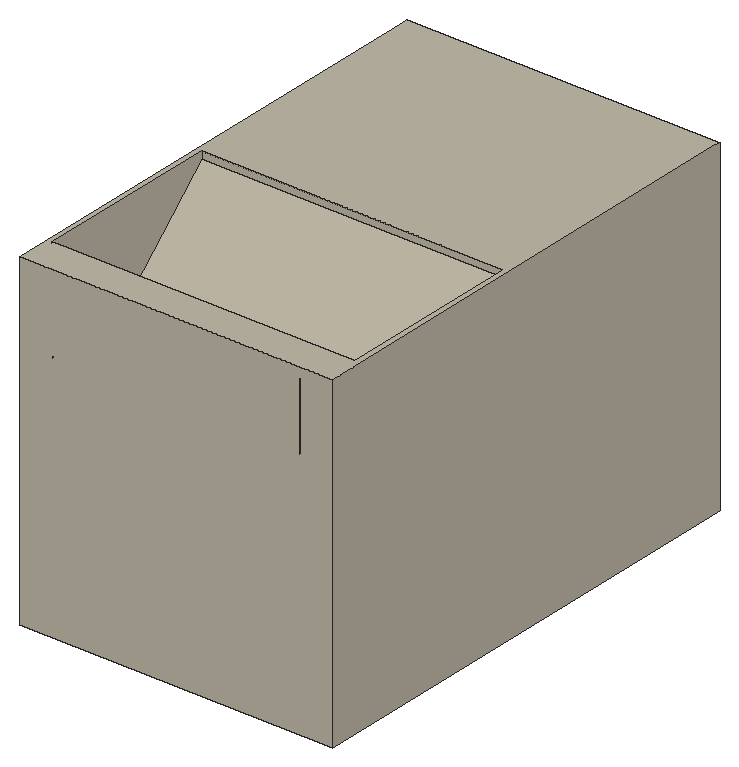
Revit family "V-Series_EWC4_SPVU_RFA_2015", category Generic Models, host Face, Revit 2019
Family settings
  Host = Face
  Can host rebar = No
  Round Connector Dimension = Use Diameter
  Part Type = Normal
  Cut with Voids When Loaded = No
  Shared = No
  Room Calculation Point = No
Parameters (values of type "1")
  intproject [instance] = if(Exterior Projection from Wall Surface > 0", 0", Interior Projection from Wall Surface)  # 0"
  extproject [instance] = if(Interior Projection from Wall Surface > 0", 0", Exterior Projection from Wall Surface)  # 0"
  Warranty Duration (Years) = 0
  Wall Thickness = 7 1/8"
  Voltage Range = "as Specified"
  Unit Width = 27 7/8"
  Unit Weight = 0
  Unit Height = 43 1/8"
  Unit Depth = 29 7/16"
  URL = "http://www.magic-pak.com/"
  Test Data = ""
  Temperature Rise Range = "as Specified"
  Supply Duct Size_W = 16"
  Supply Duct Size_H = 8"
  Standards Conformance = "as Specified"
  Specification = "http://www.arcat.com/sdspecs/htm/15700aae.htm"
  SpecWizard = ""
  Sound Pressure = "as Specified"
  Sleeve Finish [instance] = Metal - Allied Air - Neutral
  Single Circuit = yes
  Send Message = "http://www.arcat.com/users.pl?action=UserEmail&amp;company=Magic-Pak&amp;coid=46691&amp;rep=141&amp;fax=&amp;mf=95"
  Sales Information = "http://www.magic-pak.com/contact.php"
  Revision = "R1_05_2014"
  Return Duct Size_W = 22"
  Return Duct Size_H = 6"
  Refigerant Used = "R410A"
  Product Properties = ""
  Product Data = "http://www.arcat.com/arcatcos/cos9546/arc46691.html"
  Opening Width [instance] = 29"
  Opening Height [instance] = 45"
  Mounting Height = 8"
  Model = "as Specified"
  Manufacturer Website = "http://www.magic-pak.com/"
  Manufacturer Phone - Toll Free = "800-448-5872"
  Manufacturer Phone = ""
  Manufacturer Fax = ""
  Manufacturer Address = "215 Metropolitan Dr.  West Columbia, SC 29170"
  Manufacturer = "Allied Air Enterprises LLC"
  Maintenance Schedule (Months) = 0
  Keynote = "15700"
  Interior Projection from Wall Surface [instance] = 0"
  Installation-Fabrication = ""
  Installation Phase = ""
  Include Wall Sleeve [instance] = no
  HVAC_Cooling Capacity = 0.0 Btu/h
  HVAC_BTU Input = 0.0 Btu/h
  Green Building-LEED = ""
  Fuel Consumption = "as Specified"
  Fixture Mesh [instance] = Metal - Allied Air - Neutral Mesh
  Fixture Finish [instance] = Metal - Allied Air - Neutral
  Exterior Projection from Wall Surface [instance] = 0"
  Expected Lifespan (Years) = 0
  Electrical_Voltage = 0 V
  Electrical_Phase = 0
  Electrical_Frequency = 0 Hz
  Electrical_Amperage = 0 A
  Efficiency Ratings = "as Specified"
  Drawn By = "Sumex Design, Inc. / Robert S. Weygant, CSI, CDT, SCIP"
  Double Circuit = yes
  Description = "Magic-Pak Ducted Heating and Cooling Unit as Specified"
  Default Elevation = 0"
  Copyright = "©Arcat Inc."
  Construction Details = ""
  Building Codes = ""
  Assembly Code = ""
  Amperage_Circuit 2 = 0 A
  Amperage_Circuit 1 = 0 A
  Air Flow = 0 CFM
Reference planes (in)
  plane 1 "Center (Front/Back)": y = -3.1386
  plane 2: z = 0
  plane 3 "Center (Left/Right)": x = 0
  plane 4: y = -24.7011
  plane 5: y = 18.4239
  plane 6: x = -13.9375
  plane 7: x = 13.9375
  plane 8: z = 22.3125
  plane 9 "Surface": y = -33.6386
  plane 10: y = -25.6386
  plane 11: y = 19.3614
  plane 12: x = -14.5
  plane 13: x = 14.5
  plane 14 "Wall Surface": z = -7.125
  plane 15: z = -7.125
  plane 16: z = -7.125
  plane 17: y = -25.6386
  plane 18: y = 19.3614
Forms (in)
  Extrusion 1, solid, material "Metal - Allied Air - Neutral" <- "Sleeve Finish", visible <- "Include Wall Sleeve"
    sketch origin (-20.07249, -25.6386, 48) x (-1, 0, 0) y (0, 0, 1)
      loop
        line (-5.57249, -55.125) -> (-5.57249, -57.125) -> (-5.50999, -57.125) -> (-5.50999, -55.1875) -> (-3.57249, -55.1875) -> (-3.57249, -55.125) -> (-5.57249, -55.125)
      loop
        line (-34.57249, -55.125) -> (-36.57249, -55.125) -> (-36.57249, -55.1875) -> (-34.63499, -55.1875) -> (-34.63499, -57.125) -> (-34.57249, -57.125) -> (-34.57249, -55.125)
    from 6 to 39
  Extrusion 2, solid, material "Metal - Allied Air - Neutral" <- "Sleeve Finish", visible <- "Include Wall Sleeve"
    sketch origin (-23.8165, -180, -7.125) x (-1, 0, 0) y (0, -1, 0)
      loop
        line (-37.8165, -154.8614) -> (-37.8165, -198.8614) -> (-9.8165, -198.8614) -> (-9.8165, -154.8614) -> (-37.8165, -154.8614)
      loop
        line (-9.3165, -199.3614) -> (-9.3165, -154.3614) -> (-38.3165, -154.3614) -> (-38.3165, -199.3614) -> (-9.3165, -199.3614)
    from 0 to 12.5
  Extrusion 3, solid, material "Metal - Allied Air - Neutral" <- "Sleeve Finish", visible <- "Include Wall Sleeve"
    sketch origin (-23.8165, -180, -7.125) x (-1, 0, 0) y (0, -1, 0)
      loop
        line (-9.3165, -199.3614) -> (-9.3165, -198.8614) -> (-38.3165, -198.8614) -> (-38.3165, -199.3614) -> (-9.3165, -199.3614)
    from 0 to 16
  Extrusion 4, void
    sketch origin (0, 0, 0) x (1, 0, 0) y (0, 1, 0)
      loop
        line (-14.5, -25.6386) -> (14.5, -25.6386) -> (14.5, 19.3614) -> (-14.5, 19.3614) -> (-14.5, -25.6386)
    from -7.125 to 0
  Extrusion 5, solid, material "Metal - Allied Air - Neutral" <- "Fixture Finish"
    sketch origin (0, 0, 0) x (0, 1, 0) y (0, 0, 1)
      loop
        line (-24.7011, 3.41046) -> (-24.7011, -6.125) -> (18.4239, -6.125) -> (18.4239, 22.3125) -> (-5.03862, 22.3125) -> (-5.03862, 21.65873) -> (-24.7011, 3.41046)
    from -13.5 to 13.5
  Extrusion 6, solid, material "Metal - Allied Air - Neutral" <- "Fixture Finish"
    sketch origin (13.9375, 19.13326, 48) x (0, 1, 0) y (0, 0, 1)
      loop
        line (-43.83436, -25.6875) -> (-43.83436, -55.125) -> (-0.70936, -55.125) -> (-0.70936, -25.6875) -> (-43.83436, -25.6875)
    from -0.4375 to 0
  Extrusion 7, solid, material "Metal - Allied Air - Neutral" <- "Fixture Finish"
    sketch origin (-13.9375, 19.13326, 48) x (0, 1, 0) y (0, 0, 1)
      loop
        line (-43.83436, -25.6875) -> (-43.83436, -55.125) -> (-0.70936, -55.125) -> (-0.70936, -25.6875) -> (-43.83436, -25.6875)
    from 0.4375 to 0
  Extrusion 8, solid, material "Metal - Allied Air - Neutral" <- "Fixture Finish"
    sketch origin (0, 0, 0) x (0, 1, 0) y (0, 0, 1)
      loop
        line (-24.7011, 22.3125) -> (-24.7011, -7.125) -> (-23.7011, -7.125) -> (-23.7011, 22.0625) -> (-21.7011, 22.0625) -> (-21.7011, 22.3125) -> (-24.7011, 22.3125)
    from -13.9375 to 13.9375
  Extrusion 9, solid, material "Metal - Allied Air - Neutral" <- "Sleeve Finish", visible <- "Include Wall Sleeve"
    sketch origin (0, 0, 0) x (0, 1, 0) y (0, 0, 1)
      loop
        line (19.3614, -7.125) -> (19.3614, -9.125) -> (19.4239, -9.125) -> (19.4239, -7.1875) -> (21.3614, -7.1875) -> (21.3614, -7.125) -> (19.3614, -7.125)
    from 14.5 to -14.5
  Extrusion 10, solid, material "Metal - Allied Air - Neutral" <- "Fixture Finish"
    sketch origin (-23.8165, -180, -7.125) x (-1, 0, 0) y (0, -1, 0)
      loop
        line (-13.11337, -176.8614) -> (-13.61337, -176.8614) -> (-13.61337, -198.4239) -> (-13.11337, -198.4239) -> (-13.11337, -176.8614)
      loop
        line (-16.59775, -176.8614) -> (-17.09775, -176.8614) -> (-17.09775, -198.4239) -> (-16.59775, -198.4239) -> (-16.59775, -176.8614)
      loop
        line (-20.08212, -176.8614) -> (-20.58212, -176.8614) -> (-20.58212, -198.4239) -> (-20.08212, -198.4239) -> (-20.08212, -176.8614)
      loop
        line (-23.5665, -176.8614) -> (-24.0665, -176.8614) -> (-24.0665, -198.4239) -> (-23.5665, -198.4239) -> (-23.5665, -176.8614)
      loop
        line (-27.05087, -176.8614) -> (-27.55087, -176.8614) -> (-27.55087, -198.4239) -> (-27.05087, -198.4239) -> (-27.05087, -176.8614)
      loop
        line (-30.53525, -176.8614) -> (-31.03525, -176.8614) -> (-31.03525, -198.4239) -> (-30.53525, -198.4239) -> (-30.53525, -176.8614)
      loop
        line (-34.01962, -176.8614) -> (-34.51962, -176.8614) -> (-34.51962, -198.4239) -> (-34.01962, -198.4239) -> (-34.01962, -176.8614)
    from 0 to 1
  Extrusion 11, solid, material "Metal - Allied Air - Neutral" <- "Fixture Finish"
    sketch origin (-23.8165, -180, -7.125) x (-1, 0, 0) y (0, -1, 0)
      loop
        line (-37.3165, -176.8614) -> (-10.3165, -176.8614) -> (-10.3165, -156.2989) -> (-37.3165, -156.2989) -> (-37.3165, -176.8614)
      loop
        line (-36.8165, -176.3614) -> (-10.8165, -176.3614) -> (-10.8165, -156.7989) -> (-36.8165, -156.7989) -> (-36.8165, -176.3614)
    from 0 to 1
  Extrusion 12, solid, material "Metal - Allied Air - Neutral Mesh" <- "Fixture Mesh"
    sketch origin (-23.8165, -180, -7.125) x (-1, 0, 0) y (0, -1, 0)
      loop
        line (-10.8165, -156.7989) -> (-36.8165, -156.7989) -> (-36.8165, -176.3614) -> (-10.8165, -176.3614) -> (-10.8165, -156.7989)
    from 0.25 to 1
  Extrusion 13, solid, material "Metal - Allied Air - Neutral" <- "Fixture Finish"
    sketch origin (0, 0, 0) x (0, 1, 0) y (0, 0, 1)
      loop
        line (18.4239, -7.125) -> (18.4239, 22.3125) -> (17.9239, 22.3125) -> (17.9239, -7.125) -> (18.4239, -7.125)
    from -13.9375 to 13.9375
  Extrusion 14, solid, material "Metal - Allied Air - Neutral" <- "Fixture Finish"
    sketch origin (-11.83813, 18.4239, 48) x (-1, 0, 0) y (0, 0, 1)
      loop
        line (1.09937, -26.6875) -> (-14.90063, -26.6875) -> (-14.90063, -34.6875) -> (1.09937, -34.6875) -> (1.09937, -26.6875)
    from 0 to 1
  Extrusion 15, solid, material "Metal - Allied Air - Neutral" <- "Fixture Finish"
    sketch origin (-11.83813, -24.7011, 48) x (-1, 0, 0) y (0, 0, 1)
      loop
        line (-0.83813, -26.6875) -> (-22.83813, -26.6875) -> (-22.83813, -32.6875) -> (-0.83813, -32.6875) -> (-0.83813, -26.6875)
    from 0 to 1
Cuts and joins
  joined: Extrusion 2, Extrusion 3
  joined: Extrusion 5, Extrusion 6, Extrusion 7, Extrusion 8, Extrusion 10, Extrusion 13
Dimensions and locks (in)
  equal spacing: plane 5, plane 1 "Center (Front/Back)", plane 4
  "Unit Height": plane 5 to plane 4
  equal spacing: plane 6, plane 3 "Center (Left/Right)", plane 7
  "Unit Width": plane 6 to plane 7
  equal spacing: plane 11, plane 1 "Center (Front/Back)", plane 10
  "Opening Height": plane 11 to plane 10
  equal spacing: plane 12, plane 3 "Center (Left/Right)", plane 13
  "Opening Width": plane 12 to plane 13
  "Wall Thickness": level to plane 14 "Wall Surface"
  "Unit Depth": plane 8 to plane 15
  "extproject": plane 14 "Wall Surface" to plane 16
  "intproject": plane 15 to plane 16
  plane 3 "Center (Left/Right)" to Extrusion 1 sketch curve to Extrusion 1 sketch curve to Extrusion 1 sketch curve = 14 1/2" locked, 1/16" locked, 1 15/16" locked
  Extrusion 1 sketch curve to Extrusion 1 sketch curve to Extrusion 1 sketch curve to plane 3 "Center (Left/Right)" = 1 15/16" locked, 1/16" locked, 14 1/2" locked
  equal spacing: plane 17, plane 1 "Center (Front/Back)", plane 18
  plane 17 to plane 18 = 45"
  "Mounting Height": plane 10 to plane 9 "Surface"
  Extrusion 2 sketch curve to Extrusion 2 sketch curve to plane 3 "Center (Left/Right)" to Extrusion 2 sketch curve to Extrusion 2 sketch curve = 1/2" locked, 14" locked, 14" locked, 1/2" locked
  locked: Extrusion 2 sketch curve to plane 18 at 0.5
  locked: Extrusion 2 sketch curve to plane 17 at 0.5
  Extrusion 3 sketch curve to plane 3 "Center (Left/Right)" to Extrusion 3 sketch curve = 14 1/2" locked, 14 1/2" locked
  locked: Extrusion 3 sketch curve to plane 18 at 0.5
  plane 14 "Wall Surface" to Extrusion 1 sketch curve to Extrusion 1 sketch curve = 1/16" locked, 1 15/16" locked  (x2)
  plane 18 to Extrusion 9 sketch curve to Extrusion 9 sketch curve = 1/16" locked, 1 15/16" locked
  plane 14 "Wall Surface" to Extrusion 9 sketch curve to Extrusion 9 sketch curve = 1/16" locked, 1 15/16" locked
  locked: Extrusion 5 sketch curve to plane 16 at 1
  locked: Extrusion 11 sketch curve to plane 1 "Center (Front/Back)" at 0.5
  locked: Extrusion 11 sketch curve to plane 4 at 1.5
  locked: Extrusion 11 sketch curve to plane 4 at 1
  Extrusion 11 sketch curve to Extrusion 11 sketch curve to plane 3 "Center (Left/Right)" to Extrusion 11 sketch curve to Extrusion 11 sketch curve = 1/2" locked, 13" locked, 13" locked, 1/2" locked
  locked: Extrusion 12 sketch curve to plane 1 "Center (Front/Back)" at 0.5
  locked: Extrusion 12 sketch curve to plane 4 at 1.5
  Extrusion 12 sketch curve to plane 3 "Center (Left/Right)" to Extrusion 12 sketch curve = 13" locked, 13" locked
  locked: Extrusion 13 sketch curve to plane 5 at 0.5
  Extrusion 14 sketch curve to Extrusion 14 sketch curve to plane 6 = 16" locked, 1" locked
  plane 8 to Extrusion 14 sketch curve to Extrusion 14 sketch curve = 1" locked, 8" locked
  plane 8 to Extrusion 15 sketch curve to Extrusion 15 sketch curve = 1" locked, 6" locked
  Extrusion 15 sketch curve to plane 3 "Center (Left/Right)" to Extrusion 15 sketch curve = 11" locked, 11" locked
  aligned and locked: plane 2 to host face
  aligned and locked: level to host face
  aligned and locked: plane 18 to Extrusion 2 sketch curve
  aligned and locked: Extrusion 2 sketch curve to plane 17
  aligned and locked: Extrusion 3 sketch curve to plane 18
  aligned and locked: Extrusion 4 sketch curve to plane 13
  aligned and locked: Extrusion 4 sketch curve to plane 12
  aligned and locked: plane 11 to Extrusion 4 sketch curve
  aligned and locked: Extrusion 4 sketch curve to plane 10
  aligned and locked: Extrusion 4 to plane 14 "Wall Surface"
  aligned and locked: level to Extrusion 4
  aligned and locked: plane 7 to Extrusion 6
  aligned and locked: plane 7 to Extrusion 8
  aligned and locked: Extrusion 8 to plane 6
  aligned and locked: plane 1 "Center (Front/Back)" to Extrusion 10 sketch curve  (x7)
  aligned and locked: Extrusion 10 sketch curve to plane 5  (x7)
  aligned and locked: Extrusion 11 sketch curve to plane 1 "Center (Front/Back)"
  aligned and locked: plane 7 to Extrusion 13
  aligned and locked: Extrusion 13 to plane 6
Automatic sketch dimensions
  host sketch curve to host sketch curve = 96"  (x2)
  Extrusion 1 sketch curve to plane 14 "Wall Surface" = 0"  (x2)
  Extrusion 6 sketch curve to plane 4 = 0"
  Extrusion 6 sketch curve to plane 5 = 0"
  Extrusion 6 sketch curve to plane 15 = 0"
  Extrusion 6 sketch curve to plane 8 = 0"
  Extrusion 7 sketch curve to plane 4 = 0"
  Extrusion 7 sketch curve to plane 5 = 0"
  Extrusion 7 sketch curve to plane 15 = 0"
  Extrusion 7 sketch curve to plane 8 = 0"
  Extrusion 9 sketch curve to plane 11 = 0"
  Extrusion 9 sketch curve to plane 14 "Wall Surface" = 0"
  Extrusion 10 sketch curve to plane 7 = 3 15/64"
  Extrusion 10 sketch curve to Extrusion 10 sketch curve = 1/2"  (x6)
  Extrusion 10 sketch curve to Extrusion 10 sketch curve = 2 63/64"  (x5)
  plane 3 "Center (Left/Right)" to Extrusion 10 sketch curve = 1/4"
  Extrusion 10 sketch curve to plane 3 "Center (Left/Right)" = 1/4"
  Extrusion 13 sketch curve to plane 15 = 0"
  Extrusion 13 sketch curve to plane 8 = 0"
  Extrusion 13 sketch curve to plane 5 = 0"
  Extrusion 5 sketch curve to plane 4 = 0"
  Extrusion 5 sketch curve to plane 5 = 0"
  plane 1 "Center (Front/Back)" to Extrusion 5 sketch curve = 1.90002"
  Extrusion 5 sketch curve to plane 8 = 0.65377"
  level to Extrusion 5 sketch curve = 3.41046"
  Extrusion 5 sketch curve to plane 8 = 0"
  Extrusion 8 sketch curve to plane 4 = 0"
  Extrusion 8 sketch curve to plane 15 = 0"
  Extrusion 8 sketch curve to plane 8 = 1/4"
  plane 4 to Extrusion 8 sketch curve = 1"
  Extrusion 8 sketch curve to Extrusion 8 sketch curve = 2"
  Extrusion 8 sketch curve to plane 8 = 0"
Connectors (in)
  hvac at (-4.9375, 19.4239, 17.3125), driven by "Supply Duct Size_H", driven by "Supply Duct Size_W"
    settings: on Extrusion 14, index 1, duct flow 0 CFM, flow factor 0, pres drop 0.00 in-wg, loss coef 0, conn angle 0.00°, conn width 16", conn height 8", conn diameter 24", duct sys type 1, conn prof type 1, flow config 0, flow direction 2, loss method 0, conn ref index -1, conn util no, is conn primary yes, conn desc ""
  electrical at (0, 18.4239, 7.59375), driven by "Electrical_Voltage"
    settings: on cut or joined group of Extrusion 5, Extrusion 6, Extrusion 7, Extrusion 8, Extrusion 10, Extrusion 13, index 2, voltage 0 V, apparent load 0 VA, apparent load phase1 0 VA, apparent load phase2 0 VA, apparent load phase3 0 VA, power factor 1, load classification "Other", number of poles 1, system type 31, power factor state 1, is connector primary yes, connector utility no, sub classification motor no, connector description ""
  hvac at (0, -24.7011, 18.3125), driven by "Return Duct Size_H", driven by "Return Duct Size_W"
    settings: on Extrusion 15, index 3, duct flow 0 CFM, flow factor 0, pres drop 0.00 in-wg, loss coef 0, conn angle 0.00°, conn width 22", conn height 6", conn diameter 24", duct sys type 2, conn prof type 1, flow config 0, flow direction 1, loss method 0, conn ref index -1, conn util no, is conn primary no, conn desc ""
